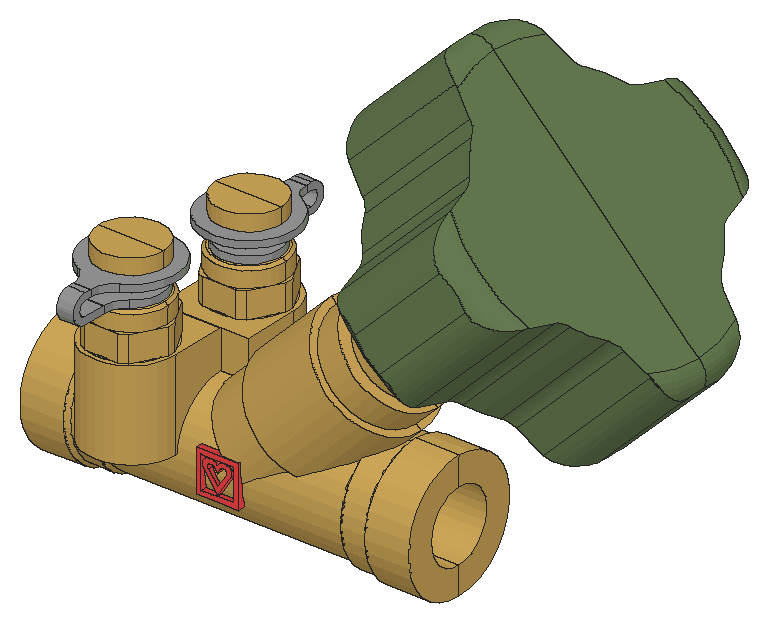
Revit family "Балансировочный клапан с диафрагмой для систем питьевого водоснабжения 4017 MW (LF-MF)", category Rohrzubehör, Revit 2018
Family settings
  Bemaßung runder Anschluss = Durchmesser verwenden
  Teiletyp = Unterbricht
  OmniClass-Nummer = 23.65.55.14
  OmniClass-Titel = Valves for Liquid Services
  Arbeitsebenenbasiert = Nein
  Immer vertikal = Ja
  Beim Laden mit Abzugskörper schneiden = Nein
  Gemeinsam genutzt = Nein
Parameters (values of type "MF")
  Среда = "Питьевая вода"  # constant formula
  Примечание = "В соответствии со статьей 33 Регламента REACH (Registration; Evaluation; Authorisation; Restriction of Chemicals) (EC № 1907/2006) мы обязаны указать, что свинец внесен в список SVHC (Substances of Very High Concern - вещества очень высокой важности) и весовой процент свинца во всех латунных компонентах заводского изготовления в наших изделиях, превышает 0,1 % (w/w) (CAS: 7439-92-1 / EINECS: 231-100-4).\r\nПоскольку свинец является легирующим компонентом сплава, прямое негативное влияние исключается, и поэтому дополнительной информации о безопасном использовании не требуется."
  Область применения = "Для перекрытия трубопроводов и регулирования систем питьевого водоснабжения в зданиях или для гидравлической балансировки водоподающих трубопроводов."
  Номер заказа [instance] = if(and(Nennweite = 15.000 mm, LF), 2401700, if(and(Nennweite = 15.000 mm, MF), 2401709, 0))  # 2401709
  Маховик = "пластик, цвет - зеленый"  # constant formula
  Корпус = "латунь, устойчивая к селективной цинковой коррозии"  # constant formula
  Исполнение = "В соответствии с нормами BS 7350 PN20, серия В, балансировочный клапан с наклонным шпинделем производится из медных сплавов.\r\nВсе металлические части, контактирующие с водой, изготовлены из латуни, устойчивой к селективной цинковой коррозии.\r\nКран-букса - с неподнимающимся шпинделем."
  kvs-значения [instance] = if(and(Nennweite = 15.000 mm, LF), 0.46, if(and(Nennweite = 15.000 mm, MF), 0.88, 0))  # 0.88
  kv-значения диафрагмы [instance] = if(and(Nennweite = 15.000 mm, LF), 0.48, if(and(Nennweite = 15.000 mm, MF), 0.97, 0))  # 0.97
  W01 = 45.00°  # constant formula
  URL = "www.herz-armaturen.ru"
  SW01 = 60.00°  # constant formula
  SCRNSEQ = "FW;SBT_TYP_FW=\"109\";2"
  SCRNCODE = "04;00;02"  # constant formula
  S03 = 60.000 mm  # constant formula
  S02 [instance] = L04 + L06 + L07  # 76.800 mm
  S01 [instance] = D01 * 2  # 27.000 mm
  R03 = 21.500 mm  # constant formula
  R02 = 9.500 mm  # constant formula
  R01 = 12.000 mm  # constant formula
  O-Ring = "EPDM"  # constant formula
  MF = yes
  LF = no
  L10 [instance] = 28.500 mm  # constant formula
  L09 [instance] = 22.500 mm  # constant formula
  L08 [instance] = 12.700 mm  # constant formula
  L07 [instance] = 35.100 mm  # constant formula
  L06 [instance] = 6.500 mm  # constant formula
  L05 [instance] = 20.200 mm  # constant formula
  L04 [instance] = 35.200 mm  # constant formula
  L03 [instance] = 1.000 mm  # constant formula
  H03 [instance] = H01 - 19.000 mm  # 1.000 mm
  H02 = 13.000 mm  # constant formula
  E01 [instance] = L00 / -2  # -41.500 mm
  E00 = 0.000 mm  # constant formula
  D09 [instance] = 11.750 mm  # constant formula
  D08 [instance] = 9.500 mm  # constant formula
  D07 [instance] = 12.000 mm  # constant formula
  D06 [instance] = 13.500 mm  # constant formula
  D05 [instance] = 12.500 mm  # constant formula
  D04 [instance] = Nennweite / 2  # 7.500 mm
  IG [instance] = Nennweite / 2  # 7.500 mm
  D03 [instance] = 11.900 mm  # constant formula
  D02 [instance] = 12.700 mm  # constant formula
  D01 [instance] = 13.500 mm  # constant formula
  Nennweite [instance] = 15.000 mm  # constant formula
  Макс. перепад давления на закрытом седле = 1000000.0 Pa  # constant formula
  Макс. рабочая температура при 10 бар = 85 °C  # constant formula
  Макс. рабочее давление при 20 °C = 2000000.0 Pa  # constant formula
  L02 [instance] = 5.000 mm  # constant formula
  L01 [instance] = 9.250 mm  # constant formula
  L00 [instance] = 83.000 mm  # constant formula
  Hersteller = "HERZ Armaturen Ges.m.b.H."  # constant formula
  H01 [instance] = 20.000 mm  # constant formula
  GT [instance] = 13.200 mm  # constant formula
  DN15 [instance] = Nennweite = 15.000 mm  # yes
Types (3, lengths in mm): name | Номер заказа | kvs-значения | kv-значения диафрагмы | MF | LF
  (no name) | 2401709 | 0.88 | 0.97 | yes | no
  LF | 2401700 | 0.46 | 0.48 | no | yes
  MF | 2401709 | 0.88 | 0.97 | yes | no
Reference planes
  plane 1 "Mitte (Vorne/hinten)": y = 0
  plane 2: z = 0
  plane 3 "Mitte (Links/rechts)": x = 0
Forms (mm)
  Revolve 1, solid, material "Messing, weicher Gelbton, geschweißt", detail levels fine
    sketch origin (470, 0, 0) x (1, 0, 0) y (0, 0, 1)
      loop
        line (-511.5, 7.5) -> (-498.3, 7.5) -> (-498.3, 0) -> (-441.7, 0) -> (-441.7, 7.5) -> (-428.5, 7.5) -> (-428.5, 13.5) -> (-437.75, 13.5) -> (-438.55, 12.7) -> (-443.55, 12.7) -> (-444.35, 11.9) -> (-495.65, 11.9) -> (-496.45, 12.7) -> (-501.45, 12.7) -> (-502.25, 13.5) -> (-511.5, 13.5) -> (-511.5, 7.5)
      axis (-511.5, 0) -> (-428.5, 0)
    angle from 0 to 360
  Revolve 2, solid, material "Messing, weicher Gelbton, geschweißt", detail levels fine
    sketch origin (0.32, 0, -0.105) x (1, 0, 0) y (0, 0, 1)
      loop
        line (-1.32, 0.105) -> (52.986, 54.411) -> (44.677, 62.719) -> (35.697, 53.739) -> (37.288, 52.148) -> (21.449, 36.309) -> (19.681, 38.076) -> (15.085, 33.48) -> (14.024, 34.541) -> (-0.259, 20.257) -> (0.448, 19.55) -> (-7.098, 12.005) -> (-6.623, 5.408) -> (-1.32, 0.105)
      axis (-1.32, 0.105) -> (52.986, 54.411)
    angle from 0 to 360
  Extrusion 3, solid, material "Messing, weicher Gelbton, geschweißt", detail levels fine
    sketch origin (0, 0, 0) x (1, 0, 0) y (0, 1, 0)
      loop
        arc (-28.5, -12) -> (-19, -21.5) -> (-9.5, -12) r 9.5
        line (-9.5, -12) -> (-9.5, 0) -> (-28.5, 0) -> (-28.5, -12)
    from 1 <- "H03" to 20 <- "H01"
  Extrusion 4, solid, material "Messing, weicher Gelbton, geschweißt", detail levels fine
    sketch origin (0, 0, 0) x (1, 0, 0) y (0, 1, 0)
      loop
        line (-22.5, 12) -> (-22.5, 0) -> (-3.5, 0) -> (-3.5, 12)
        arc (-3.5, 12) -> (-13, 21.5) -> (-22.5, 12) r 9.5
    from 0 to 20 <- "H01"
Lines and regions (mm)
  model lines, detail levels coarse+medium
    curve 1: line (-41.5, 0, 13.5) -> (-41.5, 0, -13.5)
    curve 2: line (-41.5, 0, -13.5) -> (41.5, 0, 13.5)
    curve 3: line (41.5, 0, 13.5) -> (41.5, 0, -13.5)
    curve 4: line (41.5, 0, -13.5) -> (-41.5, 0, 13.5)
    curve 5: line (0, 0, 0) -> (38.4, 0, 66.511)
    curve 6: line (12.419, 0, 81.511) -> (64.381, 0, 51.511)
    curve 7: line (-41.5, -13.5, 0) -> (-41.5, 13.5, 0)
    curve 8: line (-41.5, 13.5, 0) -> (41.5, -13.5, 0)
    curve 9: line (41.5, -13.5, 0) -> (41.5, 13.5, 0)
    curve 10: line (41.5, 13.5, 0) -> (-41.5, -13.5, 0)
    curve 11: line (0, 0, 0) -> (38.4, 66.511, 0)
    curve 12: line (12.419, 81.511, 0) -> (64.381, 51.511, 0)
Dimensions and locks
  "L00": Revolve 1 sketch curve to Revolve 1 sketch curve
  equal spacing: Revolve 1 sketch curve, plane 3 "Mitte (Links/rechts)", Revolve 1 sketch curve
  "D01": Revolve 1 sketch curve to Revolve 1 sketch curve  (x2)
  "GT": Revolve 1 sketch curve to Revolve 1 sketch curve  (x2)
  "D06": Revolve 2 sketch curve to Revolve 2 sketch curve
  "D07": Revolve 2 sketch curve to Revolve 2 sketch curve
  "D08": Revolve 2 sketch curve to Revolve 2 sketch curve
  "D09": Revolve 2 sketch curve to Revolve 2 sketch curve
  equal spacing: curve 1, plane 3 "Mitte (Links/rechts)", curve 3
  "L00": curve 1 to curve 3
  equal spacing: curve 4, plane 2, curve 2
  "S01": curve 4 to curve 1
  "S01": curve 3 to curve 4
  equal spacing: curve 3, plane 2, curve 4
  "S02": curve 5 to curve 5
  equal spacing: curve 6, curve 5, curve 6
  "S03": curve 6 to curve 6
  equal spacing: curve 7, plane 3 "Mitte (Links/rechts)", curve 9
  "L00": curve 7 to curve 9
  equal spacing: curve 10, plane 1 "Mitte (Vorne/hinten)", curve 8
  "S01": curve 8 to curve 10
  equal spacing: curve 9, plane 1 "Mitte (Vorne/hinten)", curve 10
  "S01": curve 10 to curve 9
  "S02": curve 11 to curve 11
  equal spacing: curve 12, curve 11, curve 12
  "S03": curve 12 to curve 12
  "L01": Revolve 1 sketch curve to Revolve 1 sketch curve  (x2)
  "D02": Revolve 1 sketch curve to plane 2  (x2)
  "D03": Revolve 1 sketch curve to plane 2
  "IG": Revolve 1 sketch curve to plane 2  (x2)
  "L02": Revolve 1 sketch curve to Revolve 1 sketch curve  (x2)
  "L04": Revolve 2 sketch curve to Revolve 2 sketch curve
  "L05": Revolve 2 sketch curve to Revolve 2 sketch curve
  "D03": Revolve 2 sketch curve to plane 2
  "L06": Revolve 2 sketch curve to Revolve 2 sketch curve
  "L08": Revolve 2 sketch curve to Revolve 2 sketch curve
  "L07": Revolve 2 sketch curve to Revolve 2 sketch curve
  "D04": Revolve 2 sketch curve to Revolve 2 sketch curve
  "D05": Revolve 2 sketch curve to Revolve 2 sketch curve
  "L03": plane 3 "Mitte (Links/rechts)" to Revolve 2 sketch curve  (x2)
  "D03": nested 1 to plane 1 "Mitte (Vorne/hinten)"
  "L09": Revolve 1 to Extrusion 3 sketch curve
  "R01": Extrusion 3 sketch curve to plane 1 "Mitte (Vorne/hinten)"
  "R01": plane 1 "Mitte (Vorne/hinten)" to Extrusion 4 sketch curve
  "L10": Revolve 1 to Extrusion 4 sketch curve
  "H01": nested 3 to plane 2
  "H01": nested 2 to plane 2
  "R01": nested 3 to plane 1 "Mitte (Vorne/hinten)"
  "R01": plane 1 "Mitte (Vorne/hinten)" to nested 2
  "L10": Revolve 1 to nested 2
  "L09": Revolve 1 to nested 3
  "R02": radius of Extrusion 3 sketch curve
  "R02": radius of Extrusion 4 sketch curve
  "W01": angle level to Revolve 2 sketch curve
  "SW01": angle plane 2 to curve 5
  "SW01": angle plane 1 "Mitte (Vorne/hinten)" to curve 11
  "W01": angle Revolve 1 sketch curve to Revolve 1 sketch curve  (x4)
  "W01": angle plane 2 to Revolve 2 sketch curve
  aligned and locked: level to plane 2
Automatic sketch dimensions
  curve 5 to level = 0.000 mm
  plane 1 "Mitte (Vorne/hinten)" to curve 11 = 0.000 mm
  Revolve 1 sketch curve to level = 0.000 mm  (x2)
  Revolve 1 sketch curve to Revolve 1 sketch curve = 791.990 mm
  Revolve 1 sketch curve to Revolve 1 sketch curve = 2278.983 mm
  Revolve 2 sketch curve to level = 0.000 mm  (x2)
  plane 1 "Mitte (Vorne/hinten)" to Extrusion 3 sketch curve = 0.000 mm
  plane 1 "Mitte (Vorne/hinten)" to Extrusion 4 sketch curve = 0.000 mm
Nested families
  nested 1: "Herz-Logo-vorne" at (0, -11.9, 0) x (0, 1, 0) z (0, 0, 1), type "Herz-Logo-vorne", detail levels fine
  nested 2: "Messstutzen_Band_Austritt_senkrecht_(oben)" at (-13, 12, 2.5), type "Messstutzen_Band_Austritt_senkrecht_(oben)"
    with Schutzkappe yes, Nennweite 0.000 mm, Gewicht 0.00 kg, Bestellnummer 0
  nested 3: "Messstutzen_Band_Eintritt_senkrecht_(oben)" at (-19, -12, 2.5) x (-1, 0, 0) z (0, 0, 1), type "Messstutzen_Band_Eintritt_senkrecht_(oben)"
    with Schutzkappe yes, Nennweite 0.000 mm, Gewicht 0.00 kg, Bestellnummer 0
  nested 4: "Strangregulierventil-Handrad (Grün) DN15-DN32" at (53.306, 0, 54.306), visible <- "DN15", type "Strangregulierventil-Handrad (Grün) DN15-DN32"
    with Nennweite 0.000 mm, Gewicht 0.00 kg, Bestellnummer 0
Connectors
  piping at (-28.3, 0, 0), diameter 15, driven by "Nennweite"
    settings: on Revolve 1, index 1, connector inside diameter 609.6 mm, connector length 0.000 mm, flow factor 0, pipe flow 0.0 L/s, pressure drop 0.0 Pa, fitting loss kfactor 0, connector angle 0.00°, fixture units 0, engagement length 0.000 mm, angle of deflection 0.00°, flow configuration 0, flow direction 1, fitting loss method 0, system type 29, joint type 0, gender type 0, connector reference index -1, connector utility 0, adjustable connector no, is connector primary yes, connector description ""
  piping at (28.3, 0, 0), diameter 15, driven by "Nennweite"
    settings: on Revolve 1, index 2, connector inside diameter 609.6 mm, connector length 0.000 mm, flow factor 0, pipe flow 0.0 L/s, pressure drop 0.0 Pa, fitting loss kfactor 0, connector angle 0.00°, fixture units 0, engagement length 0.000 mm, angle of deflection 0.00°, flow configuration 0, flow direction 2, fitting loss method 0, system type 29, joint type 0, gender type 0, connector reference index -1, connector utility 0, adjustable connector no, is connector primary no, connector description ""
Definition of nested family "Herz-Logo-vorne"
  Reference planes
    plane 1 "Mitte (Vorne/hinten)": y = 0
    plane 2: z = 0
    plane 3 "Mitte (Links/rechts)": x = 0
  Forms (mm)
    Extrusion 1, solid
      sketch origin (0.732, -0.018, 0.017) x (0, -1, 0) y (0, 0, 1)
        loop
          line (-0.018, -4.517) -> (4.482, -4.517) -> (4.482, 4.483) -> (-4.518, 4.483) -> (-4.518, -4.517) -> (-0.018, -4.517)
        loop
          line (-0.05, -3.48) -> (3.482, -3.48) -> (3.482, 3.483) -> (-3.518, 3.483) -> (-3.518, -3.48) -> (-0.05, -3.48)
        loop
          arc (-0.018, 2.383) -> (-1.543, 3.287) -> (-3.067, 2.383) r 1.738
          arc (-3.067, 2.383) -> (-3.191, 1.899) -> (-3.067, 1.415) r 1.009
          line (-3.067, 1.415) -> (-0.018, -3.281) -> (3.032, 1.415)
          arc (3.032, 1.415) -> (3.156, 1.899) -> (3.032, 2.383) r 1.009
          arc (3.032, 2.383) -> (1.507, 3.287) -> (-0.018, 2.383) r 1.738
        loop
          arc (1.885, 1.272) -> (2.005, 1.675) -> (1.885, 2.079) r 0.74
          arc (1.885, 2.079) -> (1.265, 2.416) -> (0.644, 2.079) r 0.74
          line (0.644, 2.079) -> (-0.018, 0.97) -> (-0.679, 2.079)
          arc (-0.679, 2.079) -> (-1.3, 2.416) -> (-1.921, 2.079) r 0.74
          arc (-1.921, 2.079) -> (-2.04, 1.675) -> (-1.921, 1.272) r 0.74
          line (-1.921, 1.272) -> (-0.018, -1.658) -> (1.885, 1.272)
      from 0 to 1.5
  Dimensions and locks
    aligned and locked: level to plane 2
Definition of nested family "Messstutzen_Band_Austritt_senkrecht_(oben)"
  Parameters (values of type "Messstutzen_Band_Austritt_senkrecht_(oben)")
    URL = "www.herz-armaturen.at"
    Schutzkappe [instance] = yes
    Nennweite [instance] = 0.000 mm
    Manufacturer = "Herz Armaturen GmbH"  # constant formula
    Gewicht [instance] = 0.00 kg
    Bestellnummer [instance] = 0
  Reference planes
    plane 1 "Mitte (Vorne/hinten)": y = 0
    plane 2: z = 0
    plane 3 "Mitte (Links/rechts)": x = 0
    plane 4 "Schlaufe 1": z = -27
    plane 5 "Schlaufe 2": z = -31.678
  Forms (mm)
    Revolve 1, solid, detail levels fine
      sketch origin (0, 0, 0) x (1, 0, 0) y (0, 0, 1)
        loop
          line (-7.4, 9) -> (-5.55, 9) -> (-5.55, 6)
          arc (-5.55, 6) -> (-5.626, 5.617) -> (-5.843, 5.293) r 1
          line (-5.843, 5.293) -> (-6.455, 4.681) -> (-6.455, 0.9) -> (-5.555, 0) -> (-2, 0) -> (-2, 17.5) -> (-8.4, 17.5)
          arc (-8.4, 17.5) -> (-7.693, 17.207) -> (-7.4, 16.5) r 1
          line (-7.4, 16.5) -> (-7.4, 9)
        loop
          line (-3.7, 27) -> (-7.3, 27) -> (-7.9, 26.4) -> (-7.9, 23) -> (-2, 23) -> (-2, 35.8) -> (-3.805, 35.8) -> (-4.415, 35.19) -> (-4.415, 30.863) -> (-3.7, 30.45) -> (-3.7, 27)
        axis (0, 0) -> (0, 35.8)
      angle from 0 to 360
    Extrusion 2, solid, detail levels fine
      sketch origin (0, 0, 17.5) x (0, 1, 0) y (-1, 0, 0)
        loop
          arc (-7.07, 5.156) -> (-7.578, 4.375) -> (-8, 3.544) r 8.75
          line (-8, 3.544) -> (-8, -3.544)
          arc (-8, -3.544) -> (-7.578, -4.375) -> (-7.07, -5.156) r 8.75
          line (-7.07, -5.156) -> (-0.93, -8.7)
          arc (-0.93, -8.7) -> (0, -8.75) -> (0.93, -8.7) r 8.75
          line (0.93, -8.7) -> (7.07, -5.156)
          arc (7.07, -5.156) -> (7.578, -4.375) -> (8, -3.544) r 8.75
          line (8, -3.544) -> (8, 3.544)
          arc (8, 3.544) -> (7.578, 4.375) -> (7.07, 5.156) r 8.75
          line (7.07, 5.156) -> (0.93, 8.7)
          arc (0.93, 8.7) -> (0, 8.75) -> (-0.93, 8.7) r 8.75
          line (-0.93, 8.7) -> (-7.07, 5.156)
      from 0 to 5.5
    Revolve 3, solid, visible <- "Schutzkappe", detail levels fine
      sketch origin (0, 0, 0) x (1, 0, 0) y (0, 0, 1)
        loop
          line (0, 35.878) -> (0, 36.678) -> (-7, 36.678) -> (-7, 33.378) -> (-6.1, 33.378) -> (-6.1, 31.678) -> (-6.9, 31.678) -> (-6.9, 30.178) -> (-4.415, 30.178) -> (-4.415, 35.268) -> (-3.805, 35.878) -> (0, 35.878)
        axis (0, 30.178) -> (0, 36.678)
      angle from 0 to 360
    Extrusion 4, solid, detail levels fine
      sketch origin (0, 0, 28.5) x (1, 0, 0) y (0, 1, 0)
        loop
          circle (0, 0) r 3.7
        loop
          arc (-3.906, 5.505) -> (0, -6.75) -> (3.906, 5.505) r 6.75
          arc (3.906, 5.505) -> (2.358, 7.288) -> (1.8, 9.582) r 5
          line (1.8, 9.582) -> (-1.8, 9.582)
          arc (-1.8, 9.582) -> (-2.358, 7.288) -> (-3.906, 5.505) r 5
      from 0 to -1.5
    Extrusion 5, solid, detail levels fine
      sketch origin (0, 0, 33.178) x (1, 0, 0) y (0, 1, 0)
        loop
          circle (0, 0) r 6.1
        loop
          arc (-4.495, 8.652) -> (0, -9.75) -> (4.495, 8.652) r 9.75
          arc (4.495, 8.652) -> (2.527, 10.493) -> (1.8, 13.089) r 5
          line (1.8, 13.089) -> (-1.8, 13.089)
          arc (-1.8, 13.089) -> (-2.527, 10.493) -> (-4.495, 8.652) r 5
      from 0 to -1.5
    Sweep 6, solid, detail levels fine
      path origin (0, 0, 0) x (0, 0, -1) y (0, -1, 0)
        loop
          line (-27.75, -9.582) -> (-27.75, -14.522)
          arc (-27.75, -14.522) -> (-30.089, -16.862) -> (-32.428, -14.522) r 2.339
          line (-32.428, -14.522) -> (-32.428, -13.089)
      profile origin (0, 12.052, 27.75) x (0, 0, 1) y (1, 0, 0)
        loop
          line (-0.75, -1.8) -> (0.75, -1.8) -> (0.75, 1.8) -> (-0.75, 1.8) -> (-0.75, -1.8)
  Dimensions and locks
    aligned and locked: level to plane 2
Definition of nested family "Messstutzen_Band_Eintritt_senkrecht_(oben)"
  Parameters (values of type "Messstutzen_Band_Eintritt_senkrecht_(oben)")
    URL = "www.herz-armaturen.at"
    Schutzkappe [instance] = yes
    Nennweite [instance] = 0.000 mm
    Manufacturer = "Herz Armaturen GmbH"  # constant formula
    Gewicht [instance] = 0.00 kg
    Bestellnummer [instance] = 0
  Reference planes
    plane 1 "Mitte (Vorne/hinten)": y = 0
    plane 2: z = 0
    plane 3 "Mitte (Links/rechts)": x = 0
    plane 4 "Schlaufe 1": z = -27
    plane 5 "Schlaufe 2": z = -31.678
  Forms (mm)
    Revolve 1, solid, detail levels fine
      sketch origin (0, 0, 0) x (1, 0, 0) y (0, 0, 1)
        loop
          line (-7.4, 9) -> (-5.55, 9) -> (-5.55, 6)
          arc (-5.55, 6) -> (-5.626, 5.617) -> (-5.843, 5.293) r 1
          line (-5.843, 5.293) -> (-6.455, 4.681) -> (-6.455, 0.9) -> (-5.555, 0) -> (-2, 0) -> (-2, 17.5) -> (-8.4, 17.5)
          arc (-8.4, 17.5) -> (-7.693, 17.207) -> (-7.4, 16.5) r 1
          line (-7.4, 16.5) -> (-7.4, 9)
        loop
          line (-3.7, 27) -> (-7.3, 27) -> (-7.9, 26.4) -> (-7.9, 23) -> (-2, 23) -> (-2, 35.8) -> (-3.805, 35.8) -> (-4.415, 35.19) -> (-4.415, 30.863) -> (-3.7, 30.45) -> (-3.7, 27)
        axis (0, 0) -> (0, 35.8)
      angle from 0 to 360
    Extrusion 2, solid, detail levels fine
      sketch origin (0, 0, 17.5) x (0, 1, 0) y (-1, 0, 0)
        loop
          arc (-7.07, 5.156) -> (-7.578, 4.375) -> (-8, 3.544) r 8.75
          line (-8, 3.544) -> (-8, -3.544)
          arc (-8, -3.544) -> (-7.578, -4.375) -> (-7.07, -5.156) r 8.75
          line (-7.07, -5.156) -> (-0.93, -8.7)
          arc (-0.93, -8.7) -> (0, -8.75) -> (0.93, -8.7) r 8.75
          line (0.93, -8.7) -> (7.07, -5.156)
          arc (7.07, -5.156) -> (7.578, -4.375) -> (8, -3.544) r 8.75
          line (8, -3.544) -> (8, 3.544)
          arc (8, 3.544) -> (7.578, 4.375) -> (7.07, 5.156) r 8.75
          line (7.07, 5.156) -> (0.93, 8.7)
          arc (0.93, 8.7) -> (0, 8.75) -> (-0.93, 8.7) r 8.75
          line (-0.93, 8.7) -> (-7.07, 5.156)
      from 0 to 5.5
    Revolve 3, solid, visible <- "Schutzkappe", detail levels fine
      sketch origin (0, 0, 0) x (1, 0, 0) y (0, 0, 1)
        loop
          line (0, 35.878) -> (0, 36.678) -> (-7, 36.678) -> (-7, 33.378) -> (-6.1, 33.378) -> (-6.1, 31.678) -> (-6.9, 31.678) -> (-6.9, 30.178) -> (-4.415, 30.178) -> (-4.415, 35.268) -> (-3.805, 35.878) -> (0, 35.878)
        axis (0, 30.178) -> (0, 36.678)
      angle from 0 to 360
    Extrusion 4, solid, detail levels fine
      sketch origin (0, 0, 28.5) x (1, 0, 0) y (0, 1, 0)
        loop
          circle (0, 0) r 3.7
        loop
          arc (-3.906, 5.505) -> (0, -6.75) -> (3.906, 5.505) r 6.75
          arc (3.906, 5.505) -> (2.358, 7.288) -> (1.8, 9.582) r 5
          line (1.8, 9.582) -> (-1.8, 9.582)
          arc (-1.8, 9.582) -> (-2.358, 7.288) -> (-3.906, 5.505) r 5
      from 0 to -1.5
    Extrusion 5, solid, detail levels fine
      sketch origin (0, 0, 33.178) x (1, 0, 0) y (0, 1, 0)
        loop
          circle (0, 0) r 6.1
        loop
          arc (-4.495, 8.652) -> (0, -9.75) -> (4.495, 8.652) r 9.75
          arc (4.495, 8.652) -> (2.527, 10.493) -> (1.8, 13.089) r 5
          line (1.8, 13.089) -> (-1.8, 13.089)
          arc (-1.8, 13.089) -> (-2.527, 10.493) -> (-4.495, 8.652) r 5
      from 0 to -1.5
    Sweep 6, solid, detail levels fine
      path origin (0, 0, 0) x (0, 0, -1) y (0, -1, 0)
        loop
          line (-27.75, -9.582) -> (-27.75, -14.522)
          arc (-27.75, -14.522) -> (-30.089, -16.862) -> (-32.428, -14.522) r 2.339
          line (-32.428, -14.522) -> (-32.428, -13.089)
      profile origin (0, 12.052, 27.75) x (0, 0, 1) y (1, 0, 0)
        loop
          line (-0.75, -1.8) -> (0.75, -1.8) -> (0.75, 1.8) -> (-0.75, 1.8) -> (-0.75, -1.8)
  Dimensions and locks
    aligned and locked: level to plane 2
Definition of nested family "Strangregulierventil-Handrad (Grün) DN15-DN32"
  Parameters (values of type "Strangregulierventil-Handrad (Grün) DN15-DN32")
    URL = "www.herz-armaturen.at"
    Nennweite [instance] = 0.000 mm
    Manufacturer = "Herz Armaturen GmbH"  # constant formula
    Gewicht [instance] = 0.00 kg
    Bestellnummer [instance] = 0
  Reference planes
    plane 1 "Mitte (Vorne/hinten)": y = 0
    plane 2: z = 0
    plane 3 "Mitte (Links/rechts)": x = 0
  Forms (mm)
    Revolve 1, solid, detail levels fine
      sketch origin (0, 0, 0) x (0.707107, 0, -0.707107) y (0.707107, 0, 0.707107)
        loop
          line (0, 0) -> (0, 24.95) -> (-30.992, 24.95)
          arc (-30.992, 24.95) -> (-34.37, 23.636) -> (-35.973, 20.386) r 5
          line (-35.973, 20.386) -> (-37, 8.65) -> (-35.986, -2.936)
          arc (-35.986, -2.936) -> (-34.383, -6.186) -> (-31.005, -7.5) r 5
          line (-31.005, -7.5) -> (-15, -7.5) -> (-15, 0) -> (0, 0)
        axis (0, 24.95) -> (0, -7.5)
      angle from 0 to 360
    Extrusion 2, void
      sketch origin (14.354, 0, 14.354) x (0.707107, 0, -0.707107) y (0, 1, 0)
        loop
          line (3.861, 35.5) -> (-3.861, 35.5)
          arc (-3.861, 35.5) -> (-8.731, 33.847) -> (-11.589, 29.571) r 8
          line (-11.589, 29.571) -> (-13.284, 23.245)
          arc (-13.284, 23.245) -> (-13.982, 21.722) -> (-15.144, 20.516) r 5
          arc (-15.144, 20.516) -> (-18.031, 18.031) -> (-20.516, 15.144) r 25.5
          arc (-20.516, 15.144) -> (-21.722, 13.982) -> (-23.245, 13.284) r 5
          line (-23.245, 13.284) -> (-29.571, 11.589)
          arc (-29.571, 11.589) -> (-33.847, 8.731) -> (-35.5, 3.861) r 8
          line (-35.5, 3.861) -> (-35.5, -3.861)
          arc (-35.5, -3.861) -> (-33.847, -8.731) -> (-29.571, -11.589) r 8
          line (-29.571, -11.589) -> (-23.245, -13.284)
          arc (-23.245, -13.284) -> (-21.722, -13.982) -> (-20.516, -15.144) r 5
          arc (-20.516, -15.144) -> (-18.031, -18.031) -> (-15.144, -20.516) r 25.5
          arc (-15.144, -20.516) -> (-13.982, -21.722) -> (-13.284, -23.245) r 5
          line (-13.284, -23.245) -> (-11.589, -29.571)
          arc (-11.589, -29.571) -> (-8.731, -33.847) -> (-3.861, -35.5) r 8
          line (-3.861, -35.5) -> (3.861, -35.5)
          arc (3.861, -35.5) -> (8.731, -33.847) -> (11.589, -29.571) r 8
          line (11.589, -29.571) -> (13.284, -23.245)
          arc (13.284, -23.245) -> (13.982, -21.722) -> (15.144, -20.516) r 5
          arc (15.144, -20.516) -> (18.031, -18.031) -> (20.516, -15.144) r 25.5
          arc (20.516, -15.144) -> (21.722, -13.982) -> (23.245, -13.284) r 5
          line (23.245, -13.284) -> (29.571, -11.589)
          arc (29.571, -11.589) -> (33.847, -8.731) -> (35.5, -3.861) r 8
          line (35.5, -3.861) -> (35.5, 3.861)
          arc (35.5, 3.861) -> (33.847, 8.731) -> (29.571, 11.589) r 8
          line (29.571, 11.589) -> (23.245, 13.284)
          arc (23.245, 13.284) -> (21.722, 13.982) -> (20.516, 15.144) r 5
          arc (20.516, 15.144) -> (18.031, 18.031) -> (15.144, 20.516) r 25.5
          arc (15.144, 20.516) -> (13.982, 21.722) -> (13.284, 23.245) r 5
          line (13.284, 23.245) -> (11.589, 29.571)
          arc (11.589, 29.571) -> (8.731, 33.847) -> (3.861, 35.5) r 8
        loop
          circle (0, 0) r 38
      from -31.266 to 7.923
  Cuts and joins
    Extrusion 2 cuts Revolve 1
  Dimensions and locks
    Revolve 1 sketch curve to Revolve 1 sketch curve = 15.000 mm
    Revolve 1 sketch curve to Revolve 1 sketch curve = 16.150 mm
    Revolve 1 sketch curve to Revolve 1 sketch curve = 16.300 mm
    angle Revolve 1 sketch curve to Revolve 1 sketch curve = 95.00°
    aligned and locked: level to plane 2
